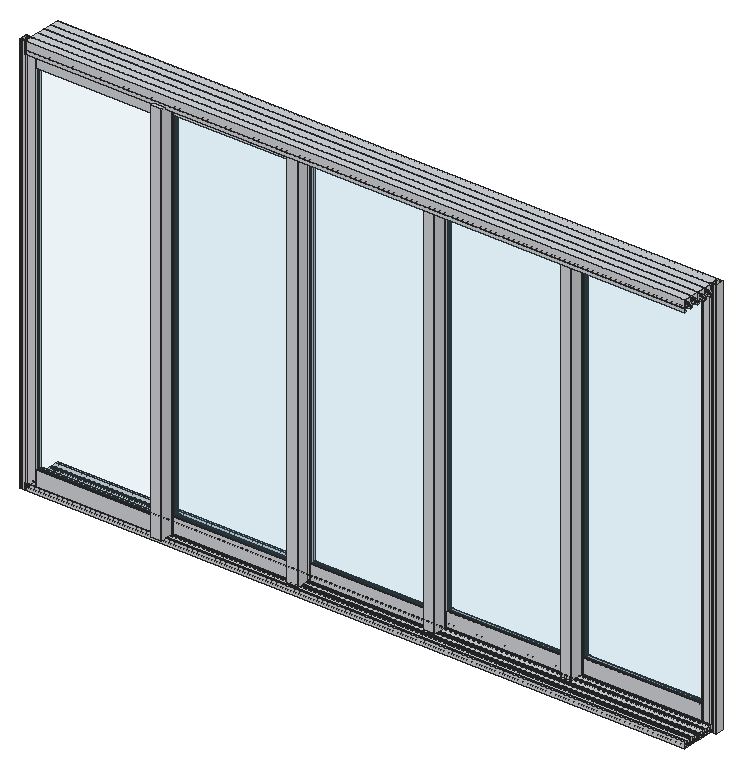
Revit family "MT-HB_SLIDING DOOR_XXXXX", category Doors, host Wall, Revit 2017 (continued)
Definition of nested family "HB_SLIDING_GLAZED PANEL_XX_TYPE 2"
  Definition of nested family "DETAIL_DBL_HB_BOTTOM RAIL"
    Lines and regions (mm)
      model lines, in view "Ref. Level"
        curve 24: arc (-20, -4.499, 0) -> (-19.854, -4.145, 0) -> (-19.5, -3.999, 0) r 0.5
        curve 25: arc (-18.448, -3.999, 0) -> (-18.319, -3.958, 0) -> (-18.246, -3.843, 0) r 0.2
        curve 26: arc (-18.246, -3.843, 0) -> (-18.106, -3.315, 0) -> (-17.93, -2.799, 0) r 7.567
        curve 27: arc (-16.8, -3.49, 0) -> (-16.408, -3.905, 0) -> (-16, -3.505, 0) r 0.4
        curve 28: arc (-16, -2, 0) -> (-16.117, -1.717, 0) -> (-16.4, -1.6, 0) r 0.4
        curve 29: arc (-18.8, -1.6, 0) -> (-19.154, -1.454, 0) -> (-19.3, -1.1, 0) r 0.5
        curve 30: arc (-19.3, -0.4, 0) -> (-19.417, -0.117, 0) -> (-19.7, 0, 0) r 0.4
        curve 31: arc (-22.1, 0, 0) -> (-22.383, -0.117, 0) -> (-22.5, -0.4, 0) r 0.4
        curve 32: arc (-22.5, -119.502, 0) -> (-22.354, -119.856, 0) -> (-22, -120.002, 0) r 0.5
        curve 33: arc (-21, -120.002, 0) -> (-20.646, -119.856, 0) -> (-20.5, -119.502, 0) r 0.5
        curve 34: arc (-20.5, -72.999, 0) -> (-20.354, -72.646, 0) -> (-20, -72.499, 0) r 0.5
        curve 35: arc (20, -72.499, 0) -> (20.354, -72.646, 0) -> (20.5, -72.999, 0) r 0.5
        curve 36: arc (20.5, -119.502, 0) -> (20.646, -119.856, 0) -> (21, -120.002, 0) r 0.5
        curve 37: arc (22.1, -120.002, 0) -> (22.414, -119.844, 0) -> (22.5, -119.502, 0) r 0.423
        curve 38: arc (22.5, -20.199, 0) -> (22.441, -20.058, 0) -> (22.3, -19.999, 0) r 0.2
        curve 39: arc (19.454, -22.146, 0) -> (19.345, -22.691, 0) -> (19.807, -22.999, 0) r 0.5
        curve 40: arc (20.511, -22.999, 0) -> (20.652, -23.058, 0) -> (20.711, -23.199, 0) r 0.2
        curve 41: arc (20.711, -24.399, 0) -> (20.623, -24.611, 0) -> (20.411, -24.699, 0) r 0.3
        curve 42: arc (4.606, -24.699, 0) -> (4.253, -24.553, 0) -> (4.106, -24.199, 0) r 0.5
        curve 43: arc (4.106, -22.199, 0) -> (4.253, -21.846, 0) -> (4.606, -21.699, 0) r 0.5
        curve 44: arc (5.371, -21.699, 0) -> (5.562, -21.737, 0) -> (5.725, -21.846, 0) r 0.5
        curve 45: arc (6.187, -22.308, 0) -> (6.328, -22.366, 0) -> (6.47, -22.308, 0) r 0.2
        curve 46: arc (6.823, -21.954, 0) -> (6.931, -21.792, 0) -> (6.97, -21.601, 0) r 0.5
        curve 47: arc (6.97, -20.499, 0) -> (6.842, -20.165, 0) -> (6.524, -20.002, 0) r 0.5
        curve 48: arc (-20, -20.002, 0) -> (-20.354, -19.856, 0) -> (-20.5, -19.502, 0) r 0.5
        curve 49: arc (-20.5, -8.615, 0) -> (-20.302, -8.217, 0) -> (-19.864, -8.134, 0) r 0.5
        curve 50: arc (-19.864, -8.134, 0) -> (-19.697, -8.173, 0) -> (-19.528, -8.194, 0) r 1.7
        curve 51: arc (-19.528, -8.194, 0) -> (-19.264, -8.294, 0) -> (-19.097, -8.521, 0) r 0.5
        curve 52: arc (-19.097, -8.521, 0) -> (-18.947, -8.902, 0) -> (-18.779, -9.276, 0) r 8.767
        curve 53: arc (-18.779, -9.276, 0) -> (-18.706, -9.359, 0) -> (-18.599, -9.39, 0) r 0.2
        curve 54: arc (-17.097, -9.39, 0) -> (-16.898, -9.465, 0) -> (-16.8, -9.654, 0) r 0.3
        curve 55: arc (-16.8, -9.654, 0) -> (-16.379, -10.006, 0) -> (-16.002, -9.606, 0) r 0.4
        curve 56: arc (-16.002, -7.521, 0) -> (-16.389, -7.095, 0) -> (-16.802, -7.495, 0) r 0.4
        curve 57: line (-20.368, -36.225, 0) -> (-19.097, -35.762, 0)
        curve 58: line (-19.097, -35.198, 0) -> (-20.368, -34.735, 0)
        curve 59: line (-20.5, -34.548, 0) -> (-20.5, -22.502, 0)
        curve 60: line (-20, -22.002, 0) -> (-16, -22.002, 0)
        curve 61: line (-15.5, -22.502, 0) -> (-15.5, -26.199, 0)
        curve 62: line (-15, -26.699, 0) -> (-14, -26.699, 0)
        curve 63: line (-13.5, -26.199, 0) -> (-13.5, -22.502, 0)
        curve 64: line (-13, -22.002, 0) -> (1.606, -22.002, 0)
        curve 65: line (2.106, -22.502, 0) -> (2.106, -24.199, 0)
        curve 66: line (4.606, -26.699, 0) -> (20, -26.699, 0)
        curve 67: line (20.5, -27.199, 0) -> (20.5, -34.548, 0)
        curve 68: line (20.368, -34.735, 0) -> (19.097, -35.198, 0)
        curve 69: line (19.097, -35.762, 0) -> (20.368, -36.225, 0)
        curve 70: line (20.5, -36.412, 0) -> (20.5, -60.286, 0)
        curve 71: line (20.368, -60.474, 0) -> (19.097, -60.937, 0)
        curve 72: line (19.097, -61.5, 0) -> (20.368, -61.963, 0)
        curve 73: line (20.5, -62.151, 0) -> (20.5, -69.499, 0)
        curve 74: line (20, -69.999, 0) -> (-20, -69.999, 0)
        curve 75: line (-20.5, -69.499, 0) -> (-20.5, -62.151, 0)
        curve 76: line (-20.368, -61.963, 0) -> (-19.097, -61.5, 0)
        curve 77: line (-19.097, -60.937, 0) -> (-20.368, -60.474, 0)
        curve 78: line (-20.5, -60.286, 0) -> (-20.5, -36.412, 0)
        curve 79: line (-18.444, -6.999, 0) -> (-19.5, -6.999, 0)
        curve 80: line (-20, -6.499, 0) -> (-20, -4.499, 0)
        curve 81: line (-19.5, -3.999, 0) -> (-18.448, -3.999, 0)
        curve 82: line (-17.93, -2.799, 0) -> (-16.8, -2.799, 0)
        curve 83: line (-16.8, -2.799, 0) -> (-16.8, -3.49, 0)
        curve 84: line (-16, -3.505, 0) -> (-16, -2, 0)
        curve 85: line (-16.4, -1.6, 0) -> (-18.8, -1.6, 0)
        curve 86: line (-19.3, -1.1, 0) -> (-19.3, -0.4, 0)
        curve 87: line (-19.7, 0, 0) -> (-22.1, 0, 0)
        curve 88: line (-22.5, -0.4, 0) -> (-22.5, -119.502, 0)
        curve 89: line (-22, -120.002, 0) -> (-21, -120.002, 0)
        curve 90: line (-20.5, -119.502, 0) -> (-20.5, -72.999, 0)
        curve 91: line (-20, -72.499, 0) -> (-13.75, -72.499, 0)
        curve 92: line (-13.75, -72.499, 0) -> (-13.25, -71.999, 0)
        curve 93: line (-13.25, -71.999, 0) -> (-12.75, -72.499, 0)
        curve 94: line (-12.75, -72.499, 0) -> (12.75, -72.499, 0)
        curve 95: line (12.75, -72.499, 0) -> (13.25, -71.999, 0)
        curve 96: line (13.25, -71.999, 0) -> (13.75, -72.499, 0)
        curve 97: line (13.75, -72.499, 0) -> (20, -72.499, 0)
        curve 98: line (20.5, -72.999, 0) -> (20.5, -119.502, 0)
        curve 99: line (21, -120.002, 0) -> (22.1, -120.002, 0)
        curve 100: line (22.5, -119.502, 0) -> (22.5, -20.199, 0)
        curve 101: line (22.3, -19.999, 0) -> (21.683, -19.999, 0)
        curve 102: line (21.683, -19.999, 0) -> (19.454, -22.146, 0)
        curve 103: line (19.807, -22.999, 0) -> (20.511, -22.999, 0)
        curve 104: line (20.711, -23.199, 0) -> (20.711, -24.399, 0)
        curve 105: line (20.411, -24.699, 0) -> (13.75, -24.699, 0)
        curve 106: line (13.75, -24.699, 0) -> (13.25, -25.199, 0)
        curve 107: line (13.25, -25.199, 0) -> (12.75, -24.699, 0)
        curve 108: line (12.75, -24.699, 0) -> (4.606, -24.699, 0)
        curve 109: line (4.106, -24.199, 0) -> (4.106, -22.199, 0)
        curve 110: line (4.606, -21.699, 0) -> (5.371, -21.699, 0)
        curve 111: line (5.725, -21.846, 0) -> (6.187, -22.308, 0)
        curve 112: line (6.47, -22.308, 0) -> (6.823, -21.954, 0)
        curve 113: line (6.97, -21.601, 0) -> (6.97, -20.499, 0)
        curve 114: line (6.524, -20.002, 0) -> (-20, -20.002, 0)
        curve 115: line (-20.5, -19.502, 0) -> (-20.5, -8.615, 0)
        curve 116: line (-18.599, -9.39, 0) -> (-17.097, -9.39, 0)
        curve 117: line (-16.002, -9.606, 0) -> (-16.002, -7.521, 0)
        curve 118: line (-16.802, -7.495, 0) -> (-16.802, -8.2, 0)
        curve 119: line (-16.802, -8.2, 0) -> (-17.936, -8.2, 0)
        curve 120: arc (-17.936, -8.2, 0) -> (-18.111, -7.683, 0) -> (-18.249, -7.155, 0) r 7.567
        curve 121: arc (-18.249, -7.155, 0) -> (-18.319, -7.043, 0) -> (-18.444, -6.999, 0) r 0.2
    Dimensions and locks
      aligned and locked: plane 1 "Center (Front/Back)" to import instance
    Automatic sketch dimensions
      curve 9 to curve 42 = 0 mm  (x3)
      curve 23 to curve 50 = 0.1 mm
      curve 23 to curve 50 = 0 mm
      curve 26 to curve 120 = 0 mm  (x2)
      curve 32 to plane 4 = 0 mm
      plane 1 "Center (Front/Back)" to curve 87 = 0 mm
      curve 32 to plane 6 = 0 mm
      curve 99 to plane 6 = 0 mm
      curve 100 to plane 5 = 0 mm
      plane 4 to curve 87 = 0.4 mm
      curve 88 to curve 32 = 0.5 mm
      plane 6 to curve 33 = 0.5 mm
      curve 32 to curve 33 = 1 mm
      plane 4 to curve 115 = 2 mm
      plane 4 to curve 59 = 2 mm
      curve 78 to curve 2 = 0 mm
      curve 75 to curve 78 = 0 mm
      curve 78 to curve 77 = 0.132 mm
      curve 59 to curve 58 = 0.132 mm
      curve 78 to curve 57 = 0.132 mm
      curve 75 to curve 76 = 0.132 mm
      curve 78 to curve 21 = 0.2 mm
      curve 59 to curve 2 = 0.2 mm
      curve 75 to curve 19 = 0.2 mm
      curve 78 to curve 22 = 0.2 mm
      curve 115 to curve 49 = 0.5 mm
      curve 115 to curve 48 = 0.5 mm
      curve 3 to curve 60 = 0.5 mm
      curve 34 to curve 34 = 0.5 mm
      curve 75 to curve 74 = 0.5 mm
      curve 49 to curve 80 = 0 mm
      plane 1 "Center (Front/Back)" to curve 30 = 0.4 mm
      curve 31 to curve 30 = 2.4 mm
      curve 49 to curve 51 = 0.434 mm
      curve 24 to curve 24 = 0.5 mm
      curve 80 to curve 23 = 0.5 mm
      curve 2 to curve 1 = 1.168 mm
      curve 19 to curve 20 = 1.168 mm
      curve 20 to curve 77 = 0.103 mm
      curve 1 to curve 57 = 0.103 mm
      curve 1 to curve 58 = 0.103 mm
      curve 20 to curve 76 = 0.103 mm
      curve 29 to curve 29 = 0.5 mm
      curve 51 to curve 53 = 0.967 mm
      curve 24 to curve 81 = 1.052 mm
      curve 50 to curve 79 = 0.956 mm
      curve 81 to curve 25 = 0.008 mm
      curve 121 to curve 119 = 0.509 mm
      curve 25 to curve 82 = 0.511 mm
      curve 119 to curve 116 = 0.838 mm
      curve 120 to curve 118 = 1.134 mm
      curve 26 to curve 82 = 1.13 mm
      curve 54 to curve 55 = 0.695 mm
      curve 118 to curve 56 = 0.4 mm
      curve 82 to curve 28 = 0.4 mm
      curve 27 to curve 27 = 0.4 mm
      curve 56 to curve 117 = 0.399 mm
      curve 28 to curve 84 = 0.4 mm
      curve 3 to curve 60 = 4 mm
      curve 4 to curve 61 = 0.5 mm
      curve 5 to curve 62 = 0.5 mm
      curve 5 to curve 6 = 1 mm
      curve 91 to curve 92 = 6.25 mm
      curve 6 to curve 63 = 0.5 mm
      curve 91 to curve 92 = 0.5 mm
      curve 7 to curve 64 = 0.5 mm
      curve 92 to curve 93 = 0.5 mm
      curve 27 to curve 52 = 5.136 mm
      curve 52 to curve 120 = 0 mm
      plane 3 "Center (Left/Right)" to curve 64 = 1.606 mm
      curve 8 to curve 65 = 0.5 mm
      curve 9 to curve 109 = 2 mm
      curve 42 to curve 42 = 0.5 mm
      curve 43 to curve 110 = 0.5 mm
      curve 43 to curve 44 = 0.765 mm
      curve 44 to curve 111 = 0.354 mm
      curve 111 to curve 111 = 0.462 mm
      curve 111 to curve 45 = 0.141 mm  (x2)
      curve 44 to curve 47 = 0.745 mm
      curve 45 to curve 112 = 0.141 mm
      curve 45 to curve 46 = 0.141 mm
      curve 47 to curve 114 = 0.054 mm
      curve 46 to curve 112 = 0.354 mm
      curve 47 to curve 113 = 0.5 mm
      curve 94 to plane 5 = 9.75 mm
      curve 112 to curve 107 = 5.927 mm
      curve 94 to curve 96 = 0.5 mm
      curve 107 to curve 107 = 0.5 mm  (x2)
      curve 106 to curve 106 = 0.5 mm
      curve 95 to curve 97 = 0.5 mm
      curve 71 to plane 5 = 3.403 mm
      curve 68 to curve 69 = 0 mm
      curve 72 to curve 71 = 0 mm
      curve 68 to curve 12 = 0.103 mm
      curve 71 to curve 15 = 0.103 mm
      curve 102 to plane 5 = 3.046 mm
      curve 39 to curve 39 = 0.354 mm
      curve 10 to plane 5 = 2.5 mm
      curve 17 to plane 5 = 2.5 mm
      curve 35 to plane 5 = 2.5 mm
      curve 15 to curve 14 = 1.203 mm
      curve 72 to curve 16 = 1.203 mm
      curve 12 to curve 13 = 1.203 mm
      curve 68 to curve 11 = 1.203 mm
      curve 11 to curve 68 = 0.068 mm
      curve 13 to curve 69 = 0.068 mm
      curve 14 to curve 71 = 0.068 mm
      curve 16 to curve 72 = 0.068 mm
      curve 103 to curve 41 = 0.604 mm
      curve 16 to curve 73 = 0.2 mm
      curve 14 to curve 70 = 0.2 mm
      curve 11 to curve 67 = 0.2 mm
      curve 35 to curve 98 = 0.5 mm
      curve 103 to curve 40 = 0.704 mm
      curve 40 to curve 104 = 0.2 mm
      curve 36 to curve 36 = 0.5 mm
      curve 101 to plane 5 = 0.817 mm
      curve 37 to plane 5 = 0.416 mm
      curve 99 to plane 5 = 0.4 mm
      curve 101 to plane 5 = 0.2 mm
      plane 6 to curve 37 = 0.423 mm
      curve 33 to curve 90 = 46.503 mm
      curve 98 to curve 91 = 0.5 mm
      curve 91 to curve 93 = 0 mm
      curve 91 to curve 74 = 2.5 mm
      curve 73 to curve 16 = 7.348 mm
      curve 18 to curve 19 = 7.348 mm
      curve 19 to curve 76 = 0.463 mm
      curve 16 to curve 72 = 0.463 mm
      curve 20 to curve 20 = 0.282 mm
      curve 15 to curve 15 = 0.282 mm
      curve 77 to curve 77 = 0.463 mm
      curve 71 to curve 71 = 0.463 mm
      curve 21 to curve 22 = 23.874 mm
      curve 14 to curve 13 = 23.874 mm
      curve 13 to curve 69 = 0.463 mm
      curve 22 to curve 57 = 0.463 mm
      curve 69 to curve 12 = 0.282 mm
      curve 57 to curve 1 = 0.282 mm
      curve 1 to curve 58 = 0.463 mm
      curve 68 to curve 68 = 0.463 mm
      curve 67 to curve 67 = 7.348 mm
      curve 1 to curve 62 = 8.499 mm
      curve 104 to curve 104 = 1.2 mm
      curve 9 to curve 65 = 1.697 mm
      curve 61 to curve 7 = 0 mm
      curve 39 to curve 39 = 0.5 mm
      curve 42 to curve 112 = 1.891 mm
      curve 42 to curve 109 = 2 mm
      curve 44 to curve 44 = 0.5 mm
      curve 112 to curve 112 = 0.354 mm
      curve 46 to curve 113 = 1.101 mm
      curve 40 to curve 100 = 2.8 mm
      curve 54 to curve 30 = 9.29 mm
      curve 54 to curve 55 = 0.083 mm
      curve 54 to curve 116 = 0.3 mm
      curve 53 to curve 53 = 0.2 mm
      curve 53 to curve 51 = 0.497 mm
      curve 51 to curve 115 = 0.077 mm
      curve 54 to curve 118 = 1.19 mm
      curve 118 to curve 117 = 0.679 mm
      curve 120 to curve 121 = 1.001 mm
      curve 121 to curve 79 = 0.2 mm
      curve 79 to curve 23 = 0.5 mm
      curve 56 to curve 52 = 2.014 mm
      curve 52 to curve 26 = 0 mm
      curve 80 to curve 80 = 2 mm
      curve 81 to curve 25 = 0.2 mm
      curve 25 to curve 84 = 0.338 mm
      curve 25 to curve 82 = 1.044 mm
      curve 82 to curve 28 = 0.799 mm
      curve 50 to curve 49 = 0 mm
      curve 51 to curve 50 = 0 mm
      curve 79 to curve 23 = 0 mm
      curve 23 to curve 79 = 0 mm
      curve 52 to curve 51 = 0 mm
      curve 114 to curve 48 = 0 mm
      curve 69 to curve 13 = 1.403 mm
  Definition of nested family "DETAIL_HB106_DBL_INTERLOCK"
    Reference planes
      plane 1 "Center (Front/Back)": y = 0
      plane 2: z = 0
      plane 3 "Center (Left/Right)": x = 0
    Lines and regions (mm)
      detail lines, in view "Ref. Level"
        curve 1: arc (76.142, -18.25, 0) -> (75.86, -18.425, 0) -> (75.75, -18.738, 0) r 0.5
        curve 2: arc (75.75, -19, 0) -> (75.604, -19.354, 0) -> (75.25, -19.5, 0) r 0.5
        curve 3: arc (73.75, -19.5, 0) -> (73.396, -19.354, 0) -> (73.25, -19, 0) r 0.5
        curve 4: arc (73.25, -18.738, 0) -> (73.14, -18.425, 0) -> (72.858, -18.25, 0) r 0.5
        curve 5: arc (72.858, -18.25, 0) -> (72.394, -18.131, 0) -> (71.937, -17.983, 0) r 7.567
        curve 6: arc (71.937, -17.983, 0) -> (71.841, -17.91, 0) -> (71.805, -17.795, 0) r 0.2
        curve 7: arc (71.805, -17.2, 0) -> (71.922, -16.917, 0) -> (72.205, -16.8, 0) r 0.4
        curve 8: arc (72.7, -16.8, 0) -> (72.841, -16.741, 0) -> (72.9, -16.6, 0) r 0.2
        curve 9: arc (72.9, -16.2, 0) -> (72.841, -16.059, 0) -> (72.7, -16, 0) r 0.2
        curve 10: arc (69.205, -16, 0) -> (68.922, -16.117, 0) -> (68.805, -16.4, 0) r 0.4
        curve 11: arc (68.805, -17.558, 0) -> (68.859, -17.758, 0) -> (69.005, -17.904, 0) r 0.4
        curve 12: arc (69.9, -18.421, 0) -> (70.046, -18.567, 0) -> (70.1, -18.767, 0) r 0.4
        curve 13: arc (70.1, -20.1, 0) -> (69.983, -20.383, 0) -> (69.7, -20.5, 0) r 0.4
        curve 14: arc (69.7, 20.5, 0) -> (69.983, 20.383, 0) -> (70.1, 20.1, 0) r 0.4
        curve 15: arc (70.1, 18.767, 0) -> (70.046, 18.567, 0) -> (69.9, 18.421, 0) r 0.4
        curve 16: arc (69.005, 17.904, 0) -> (68.859, 17.758, 0) -> (68.805, 17.558, 0) r 0.4
        curve 17: arc (68.805, 16.4, 0) -> (68.922, 16.117, 0) -> (69.205, 16, 0) r 0.4
        curve 18: arc (72.7, 16, 0) -> (72.841, 16.059, 0) -> (72.9, 16.2, 0) r 0.2
        curve 19: arc (72.9, 16.6, 0) -> (72.841, 16.741, 0) -> (72.7, 16.8, 0) r 0.2
        curve 20: arc (72.205, 16.8, 0) -> (71.922, 16.917, 0) -> (71.805, 17.2, 0) r 0.4
        curve 21: arc (71.805, 17.795, 0) -> (71.841, 17.91, 0) -> (71.937, 17.983, 0) r 0.2
        curve 22: arc (71.937, 17.983, 0) -> (72.394, 18.131, 0) -> (72.858, 18.25, 0) r 7.567
        curve 23: arc (72.858, 18.25, 0) -> (73.14, 18.425, 0) -> (73.25, 18.738, 0) r 0.5
        curve 24: arc (73.25, 19, 0) -> (73.396, 19.354, 0) -> (73.75, 19.5, 0) r 0.5
        curve 25: arc (75.25, 19.5, 0) -> (75.604, 19.354, 0) -> (75.75, 19, 0) r 0.5
        curve 26: arc (75.75, 18.738, 0) -> (75.86, 18.425, 0) -> (76.142, 18.25, 0) r 0.5
        curve 27: arc (76.142, 18.25, 0) -> (76.612, 18.129, 0) -> (77.073, 17.979, 0) r 7.567
        curve 28: arc (77.073, 17.979, 0) -> (77.169, 17.906, 0) -> (77.205, 17.791, 0) r 0.2
        curve 29: arc (77.205, 17.2, 0) -> (77.088, 16.917, 0) -> (76.805, 16.8, 0) r 0.4
        curve 30: arc (76.3, 16.8, 0) -> (76.159, 16.741, 0) -> (76.1, 16.6, 0) r 0.2
        curve 31: arc (76.1, 16.2, 0) -> (76.159, 16.059, 0) -> (76.3, 16, 0) r 0.2
        curve 32: arc (78, 16, 0) -> (78.283, 16.117, 0) -> (78.4, 16.4, 0) r 0.4
        curve 33: arc (78.4, 18.7, 0) -> (78.546, 19.054, 0) -> (78.9, 19.2, 0) r 0.5
        curve 34: arc (79.6, 19.2, 0) -> (79.883, 19.317, 0) -> (80, 19.6, 0) r 0.4
        curve 35: arc (80, 22, 0) -> (79.854, 22.354, 0) -> (79.5, 22.5, 0) r 0.5
        curve 36: arc (79.5, -22.5, 0) -> (79.854, -22.354, 0) -> (80, -22, 0) r 0.5
        curve 37: arc (80, -19.6, 0) -> (79.883, -19.317, 0) -> (79.6, -19.2, 0) r 0.4
        curve 38: arc (78.9, -19.2, 0) -> (78.546, -19.054, 0) -> (78.4, -18.7, 0) r 0.5
        curve 39: arc (78.4, -16.4, 0) -> (78.283, -16.117, 0) -> (78, -16, 0) r 0.4
        curve 40: arc (76.3, -16, 0) -> (76.159, -16.059, 0) -> (76.1, -16.2, 0) r 0.2
        curve 41: arc (76.1, -16.6, 0) -> (76.159, -16.741, 0) -> (76.3, -16.8, 0) r 0.2
        curve 42: arc (76.805, -16.8, 0) -> (77.088, -16.917, 0) -> (77.205, -17.2, 0) r 0.4
        curve 43: line (75.75, -18.738, 0) -> (75.75, -19, 0)
        curve 44: line (75.25, -19.5, 0) -> (73.75, -19.5, 0)
        curve 45: line (73.25, -19, 0) -> (73.25, -18.738, 0)
        curve 46: line (71.805, -17.795, 0) -> (71.805, -17.2, 0)
        curve 47: line (72.205, -16.8, 0) -> (72.7, -16.8, 0)
        curve 48: line (72.9, -16.6, 0) -> (72.9, -16.2, 0)
        curve 49: line (72.7, -16, 0) -> (69.205, -16, 0)
        curve 50: line (68.805, -16.4, 0) -> (68.805, -17.558, 0)
        curve 51: line (69.005, -17.904, 0) -> (69.9, -18.421, 0)
        curve 52: line (70.1, -18.767, 0) -> (70.1, -20.1, 0)
        curve 53: line (69.7, -20.5, 0) -> (51, -20.5, 0)
        curve 54: line (51, 20.5, 0) -> (69.7, 20.5, 0)
        curve 55: line (70.1, 20.1, 0) -> (70.1, 18.767, 0)
        curve 56: line (69.9, 18.421, 0) -> (69.005, 17.904, 0)
        curve 57: line (68.805, 17.558, 0) -> (68.805, 16.4, 0)
        curve 58: line (69.205, 16, 0) -> (72.7, 16, 0)
        curve 59: line (72.9, 16.2, 0) -> (72.9, 16.6, 0)
        curve 60: line (72.7, 16.8, 0) -> (72.205, 16.8, 0)
        curve 61: line (71.805, 17.2, 0) -> (71.805, 17.795, 0)
        curve 62: line (73.25, 18.738, 0) -> (73.25, 19, 0)
        curve 63: line (73.75, 19.5, 0) -> (75.25, 19.5, 0)
        curve 64: line (75.75, 19, 0) -> (75.75, 18.738, 0)
        curve 65: line (77.205, 17.791, 0) -> (77.205, 17.2, 0)
        curve 66: line (76.805, 16.8, 0) -> (76.3, 16.8, 0)
        curve 67: line (76.1, 16.6, 0) -> (76.1, 16.2, 0)
        curve 68: line (76.3, 16, 0) -> (78, 16, 0)
        curve 69: line (78.4, 16.4, 0) -> (78.4, 18.7, 0)
        curve 70: line (78.9, 19.2, 0) -> (79.6, 19.2, 0)
        curve 71: line (80, 19.6, 0) -> (80, 22, 0)
        curve 72: line (80, -22, 0) -> (80, -19.6, 0)
        curve 73: line (79.6, -19.2, 0) -> (78.9, -19.2, 0)
        curve 74: line (78.4, -18.7, 0) -> (78.4, -16.4, 0)
        curve 75: line (78, -16, 0) -> (76.3, -16, 0)
        curve 76: line (76.1, -16.2, 0) -> (76.1, -16.6, 0)
        curve 77: line (76.3, -16.8, 0) -> (76.805, -16.8, 0)
        curve 78: line (77.205, -17.2, 0) -> (77.205, -17.791, 0)
        curve 79: arc (77.205, -17.791, 0) -> (77.169, -17.906, 0) -> (77.073, -17.979, 0) r 0.2
        curve 80: arc (77.073, -17.979, 0) -> (76.612, -18.129, 0) -> (76.142, -18.25, 0) r 7.567
        curve 81: arc (3.5, 22.5, 0) -> (1.025, 21.475, 0) -> (0, 19, 0) r 3.5
        curve 82: arc (0, -33.55, 0) -> (0.879, -35.671, 0) -> (3, -36.55, 0) r 3
        curve 83: arc (5.67, -36.55, 0) -> (6.17, -36.05, 0) -> (5.67, -35.55, 0) r 0.5
        curve 84: arc (11.27, -35.55, 0) -> (10.77, -36.05, 0) -> (11.27, -36.55, 0) r 0.5
        curve 85: arc (13.42, -36.55, 0) -> (13.632, -36.462, 0) -> (13.72, -36.25, 0) r 0.3
        curve 86: arc (13.72, -33.254, 0) -> (13.427, -32.547, 0) -> (12.72, -32.254, 0) r 1
        curve 87: arc (2.5, -31.254, 0) -> (2.793, -31.962, 0) -> (3.5, -32.254, 0) r 1
        curve 88: arc (3.5, -22.5, 0) -> (2.793, -22.793, 0) -> (2.5, -23.5, 0) r 1
        curve 89: arc (27.976, -23, 0) -> (27.829, -22.646, 0) -> (27.476, -22.5, 0) r 0.5
        curve 90: arc (27.976, -31.1, 0) -> (28.708, -32.868, 0) -> (30.476, -33.6, 0) r 2.5
        curve 91: arc (42.407, -33.6, 0) -> (43.276, -32.79, 0) -> (42.528, -31.867, 0) r 0.871
        curve 92: arc (30.476, -29.303, 0) -> (30.721, -29.959, 0) -> (31.336, -30.294, 0) r 1
        curve 93: arc (30.976, -22.5, 0) -> (30.622, -22.646, 0) -> (30.476, -23, 0) r 0.5
        curve 94: arc (50, -19.5, 0) -> (50.293, -20.207, 0) -> (51, -20.5, 0) r 1
        curve 95: arc (51, 20.5, 0) -> (50.314, 20.228, 0) -> (50.002, 19.559, 0) r 1
        curve 96: arc (36.988, -20, 0) -> (37.138, -19.96, 0) -> (37.248, -19.85, 0) r 0.3
        curve 97: arc (37.508, -19.7, 0) -> (37.358, -19.74, 0) -> (37.248, -19.85, 0) r 0.3
        curve 98: arc (38.988, -20, 0) -> (38.9, -19.788, 0) -> (38.688, -19.7, 0) r 0.3
        curve 99: arc (38.988, -20, 0) -> (39.076, -20.212, 0) -> (39.288, -20.3, 0) r 0.3
        curve 100: arc (40.468, -20.3, 0) -> (40.618, -20.26, 0) -> (40.728, -20.15, 0) r 0.3
        curve 101: arc (40.988, -20, 0) -> (40.838, -20.04, 0) -> (40.728, -20.15, 0) r 0.3
        curve 102: arc (46.5, -20, 0) -> (47.207, -19.707, 0) -> (47.5, -19, 0) r 1
        curve 103: arc (47.5, 19, 0) -> (47.207, 19.707, 0) -> (46.5, 20, 0) r 1
        curve 104: arc (3.5, 20, 0) -> (2.793, 19.707, 0) -> (2.5, 19, 0) r 1
        curve 105: arc (2.5, -19, 0) -> (2.793, -19.707, 0) -> (3.5, -20, 0) r 1
        curve 106: line (79.5, 22.5, 0) -> (3.5, 22.5, 0)
        curve 107: line (0, 19, 0) -> (0, -33.55, 0)
        curve 108: line (3, -36.55, 0) -> (5.67, -36.55, 0)
        curve 109: line (5.67, -35.55, 0) -> (4.72, -35.55, 0)
        curve 110: line (4.72, -35.55, 0) -> (4.72, -34.25, 0)
        curve 111: line (4.72, -34.25, 0) -> (12.22, -34.25, 0)
        curve 112: line (12.22, -34.25, 0) -> (12.22, -35.55, 0)
        curve 113: line (12.22, -35.55, 0) -> (11.27, -35.55, 0)
        curve 114: line (11.27, -36.55, 0) -> (13.42, -36.55, 0)
        curve 115: line (13.72, -36.25, 0) -> (13.72, -33.254, 0)
        curve 116: line (12.72, -32.254, 0) -> (3.5, -32.254, 0)
        curve 117: line (2.5, -31.254, 0) -> (2.5, -23.5, 0)
        curve 118: line (3.5, -22.5, 0) -> (27.476, -22.5, 0)
        curve 119: line (27.976, -23, 0) -> (27.976, -31.1, 0)
        curve 120: line (30.476, -33.6, 0) -> (42.407, -33.6, 0)
        curve 121: line (42.528, -31.867, 0) -> (31.336, -30.294, 0)
        curve 122: line (30.476, -29.303, 0) -> (30.476, -23, 0)
        curve 123: line (30.976, -22.5, 0) -> (79.5, -22.5, 0)
        curve 124: line (50, -19.5, 0) -> (50, -0.383, 0)
        curve 125: line (50, -0.383, 0) -> (49.7, 0, 0)
        curve 126: line (49.7, 0, 0) -> (49.941, 0.241, 0)
        curve 127: line (49.941, 0.241, 0) -> (50.002, 19.559, 0)
        curve 128: line (38.688, -19.7, 0) -> (37.508, -19.7, 0)
        curve 129: line (40.468, -20.3, 0) -> (39.288, -20.3, 0)
        curve 130: line (46.5, -20, 0) -> (40.988, -20, 0)
        curve 131: line (47.5, 19, 0) -> (47.5, -19, 0)
        curve 132: line (3.5, 20, 0) -> (46.5, 20, 0)
        curve 133: line (2.5, -19, 0) -> (2.5, 19, 0)
        curve 134: line (36.988, -20, 0) -> (3.5, -20, 0)
  Definition of nested family "DETAIL_HB106_SGL_ INTERLOCK"
    Reference planes
      plane 1 "Center (Front/Back)": y = 0
      plane 2: z = 0
      plane 3 "Center (Left/Right)": x = 0
    Lines and regions (mm)
      model lines, in view "Ref. Level"
        curve 1: arc (65.782, 13.178, 0) -> (65.585, 13.029, 0) -> (65.483, 12.804, 0) r 0.5
        curve 2: arc (64.942, 9.735, 0) -> (64.986, 9.571, 0) -> (65.139, 9.5, 0) r 0.2
        curve 3: arc (67.7, 9.5, 0) -> (67.841, 9.559, 0) -> (67.9, 9.7, 0) r 0.2
        curve 4: arc (67.9, 10.1, 0) -> (67.841, 10.241, 0) -> (67.7, 10.3, 0) r 0.2
        curve 5: arc (66.805, 10.5, 0) -> (66.864, 10.359, 0) -> (67.005, 10.3, 0) r 0.2
        curve 6: arc (66.937, 11.483, 0) -> (66.841, 11.41, 0) -> (66.805, 11.295, 0) r 0.2
        curve 7: arc (72.073, 11.479, 0) -> (69.505, 11.93, 0) -> (66.937, 11.483, 0) r 7.567
        curve 8: arc (72.205, 11.291, 0) -> (72.169, 11.406, 0) -> (72.073, 11.479, 0) r 0.2
        curve 9: arc (72.005, 10.3, 0) -> (72.146, 10.359, 0) -> (72.205, 10.5, 0) r 0.2
        curve 10: arc (71.3, 10.3, 0) -> (71.159, 10.241, 0) -> (71.1, 10.1, 0) r 0.2
        curve 11: arc (71.1, 9.7, 0) -> (71.159, 9.559, 0) -> (71.3, 9.5, 0) r 0.2
        curve 12: arc (73, 9.5, 0) -> (73.283, 9.617, 0) -> (73.4, 9.9, 0) r 0.4
        curve 13: arc (73.9, 12.7, 0) -> (73.546, 12.554, 0) -> (73.4, 12.2, 0) r 0.5
        curve 14: arc (74.6, 12.7, 0) -> (74.883, 12.817, 0) -> (75, 13.1, 0) r 0.4
        curve 15: arc (75, 22.3, 0) -> (74.941, 22.441, 0) -> (74.8, 22.5, 0) r 0.2
        curve 16: arc (3.5, 22.5, 0) -> (1.025, 21.475, 0) -> (0, 19, 0) r 3.5
        curve 17: arc (0, -33.55, 0) -> (0.879, -35.671, 0) -> (3, -36.55, 0) r 3
        curve 18: arc (5.67, -36.55, 0) -> (6.17, -36.05, 0) -> (5.67, -35.55, 0) r 0.5
        curve 19: arc (11.27, -35.55, 0) -> (10.77, -36.05, 0) -> (11.27, -36.55, 0) r 0.5
        curve 20: arc (13.42, -36.55, 0) -> (13.632, -36.462, 0) -> (13.72, -36.25, 0) r 0.3
        curve 21: arc (13.72, -33.254, 0) -> (13.427, -32.547, 0) -> (12.72, -32.254, 0) r 1
        curve 22: arc (2.5, -31.254, 0) -> (2.793, -31.962, 0) -> (3.5, -32.254, 0) r 1
        curve 23: arc (3.5, -22.5, 0) -> (2.793, -22.793, 0) -> (2.5, -23.5, 0) r 1
        curve 24: arc (27.976, -23, 0) -> (27.829, -22.646, 0) -> (27.476, -22.5, 0) r 0.5
        curve 25: arc (27.976, -31.1, 0) -> (28.708, -32.868, 0) -> (30.476, -33.6, 0) r 2.5
        curve 26: arc (42.407, -33.6, 0) -> (43.276, -32.79, 0) -> (42.528, -31.867, 0) r 0.871
        curve 27: arc (30.476, -29.303, 0) -> (30.721, -29.959, 0) -> (31.336, -30.294, 0) r 1
        curve 28: arc (30.976, -22.5, 0) -> (30.622, -22.646, 0) -> (30.476, -23, 0) r 0.5
        curve 29: arc (74.8, -22.5, 0) -> (74.941, -22.441, 0) -> (75, -22.3, 0) r 0.2
        curve 30: arc (75, -13.1, 0) -> (74.883, -12.817, 0) -> (74.6, -12.7, 0) r 0.4
        curve 31: arc (73.4, -12.2, 0) -> (73.546, -12.554, 0) -> (73.9, -12.7, 0) r 0.5
        curve 32: arc (73.4, -9.9, 0) -> (73.283, -9.617, 0) -> (73, -9.5, 0) r 0.4
        curve 33: arc (71.3, -9.5, 0) -> (71.159, -9.559, 0) -> (71.1, -9.7, 0) r 0.2
        curve 34: arc (71.1, -10.1, 0) -> (71.159, -10.241, 0) -> (71.3, -10.3, 0) r 0.2
        curve 35: arc (72.205, -10.5, 0) -> (72.146, -10.359, 0) -> (72.005, -10.3, 0) r 0.2
        curve 36: arc (72.073, -11.479, 0) -> (72.169, -11.406, 0) -> (72.205, -11.291, 0) r 0.2
        curve 37: arc (66.937, -11.483, 0) -> (69.505, -11.93, 0) -> (72.073, -11.479, 0) r 7.567
        curve 38: arc (66.805, -11.295, 0) -> (66.841, -11.41, 0) -> (66.937, -11.483, 0) r 0.2
        curve 39: arc (67.005, -10.3, 0) -> (66.864, -10.359, 0) -> (66.805, -10.5, 0) r 0.2
        curve 40: arc (67.7, -10.3, 0) -> (67.841, -10.241, 0) -> (67.9, -10.1, 0) r 0.2
        curve 41: arc (67.9, -9.7, 0) -> (67.841, -9.559, 0) -> (67.7, -9.5, 0) r 0.2
        curve 42: arc (65.139, -9.5, 0) -> (64.986, -9.571, 0) -> (64.942, -9.735, 0) r 0.2
        curve 43: arc (65.483, -12.804, 0) -> (65.585, -13.029, 0) -> (65.782, -13.178, 0) r 0.5
        curve 44: arc (65.782, -13.178, 0) -> (68.244, -13.847, 0) -> (70.797, -13.842, 0) r 9.567
        curve 45: arc (72.5, -15.328, 0) -> (71.986, -14.198, 0) -> (70.797, -13.842, 0) r 1.5
        curve 46: arc (71.5, -20, 0) -> (72.207, -19.707, 0) -> (72.5, -19, 0) r 1
        curve 47: arc (50, -19, 0) -> (50.293, -19.707, 0) -> (51, -20, 0) r 1
        curve 48: arc (51, 20, 0) -> (50.293, 19.707, 0) -> (50, 19, 0) r 1
        curve 49: arc (72.5, 19, 0) -> (72.207, 19.707, 0) -> (71.5, 20, 0) r 1
        curve 50: arc (70.797, 13.842, 0) -> (71.986, 14.198, 0) -> (72.5, 15.328, 0) r 1.5
        curve 51: arc (70.797, 13.842, 0) -> (68.244, 13.847, 0) -> (65.782, 13.178, 0) r 9.567
        curve 52: arc (36.988, -20, 0) -> (37.138, -19.96, 0) -> (37.248, -19.85, 0) r 0.3
        curve 53: arc (37.508, -19.7, 0) -> (37.358, -19.74, 0) -> (37.248, -19.85, 0) r 0.3
        curve 54: arc (38.988, -20, 0) -> (38.9, -19.788, 0) -> (38.688, -19.7, 0) r 0.3
        curve 55: arc (38.988, -20, 0) -> (39.076, -20.212, 0) -> (39.288, -20.3, 0) r 0.3
        curve 56: arc (40.468, -20.3, 0) -> (40.618, -20.26, 0) -> (40.728, -20.15, 0) r 0.3
        curve 57: arc (40.988, -20, 0) -> (40.838, -20.04, 0) -> (40.728, -20.15, 0) r 0.3
        curve 58: arc (46.5, -20, 0) -> (47.207, -19.707, 0) -> (47.5, -19, 0) r 1
        curve 59: arc (47.5, 19, 0) -> (47.207, 19.707, 0) -> (46.5, 20, 0) r 1
        curve 60: arc (3.5, 20, 0) -> (2.793, 19.707, 0) -> (2.5, 19, 0) r 1
        curve 61: arc (2.5, -19, 0) -> (2.793, -19.707, 0) -> (3.5, -20, 0) r 1
        curve 62: line (65.483, 12.804, 0) -> (64.942, 9.735, 0)
        curve 63: line (65.139, 9.5, 0) -> (67.7, 9.5, 0)
        curve 64: line (67.9, 9.7, 0) -> (67.9, 10.1, 0)
        curve 65: line (67.7, 10.3, 0) -> (67.005, 10.3, 0)
        curve 66: line (66.805, 10.5, 0) -> (66.805, 11.295, 0)
        curve 67: line (72.205, 11.291, 0) -> (72.205, 10.5, 0)
        curve 68: line (72.005, 10.3, 0) -> (71.3, 10.3, 0)
        curve 69: line (71.1, 10.1, 0) -> (71.1, 9.7, 0)
        curve 70: line (71.3, 9.5, 0) -> (73, 9.5, 0)
        curve 71: line (73.4, 9.9, 0) -> (73.4, 12.2, 0)
        curve 72: line (73.9, 12.7, 0) -> (74.6, 12.7, 0)
        curve 73: line (75, 13.1, 0) -> (75, 22.3, 0)
        curve 74: line (74.8, 22.5, 0) -> (3.5, 22.5, 0)
        curve 75: line (0, 19, 0) -> (0, -33.55, 0)
        curve 76: line (3, -36.55, 0) -> (5.67, -36.55, 0)
        curve 77: line (5.67, -35.55, 0) -> (4.72, -35.55, 0)
        curve 78: line (4.72, -35.55, 0) -> (4.72, -34.25, 0)
        curve 79: line (4.72, -34.25, 0) -> (12.22, -34.25, 0)
        curve 80: line (12.22, -34.25, 0) -> (12.22, -35.55, 0)
        curve 81: line (12.22, -35.55, 0) -> (11.27, -35.55, 0)
        curve 82: line (11.27, -36.55, 0) -> (13.42, -36.55, 0)
        curve 83: line (13.72, -36.25, 0) -> (13.72, -33.254, 0)
        curve 84: line (12.72, -32.254, 0) -> (3.5, -32.254, 0)
        curve 85: line (2.5, -31.254, 0) -> (2.5, -23.5, 0)
        curve 86: line (3.5, -22.5, 0) -> (27.476, -22.5, 0)
        curve 87: line (27.976, -23, 0) -> (27.976, -31.1, 0)
        curve 88: line (30.476, -33.6, 0) -> (42.407, -33.6, 0)
        curve 89: line (42.528, -31.867, 0) -> (31.336, -30.294, 0)
        curve 90: line (30.476, -29.303, 0) -> (30.476, -23, 0)
        curve 91: line (30.976, -22.5, 0) -> (74.8, -22.5, 0)
        curve 92: line (75, -22.3, 0) -> (75, -13.1, 0)
        curve 93: line (74.6, -12.7, 0) -> (73.9, -12.7, 0)
        curve 94: line (73.4, -12.2, 0) -> (73.4, -9.9, 0)
        curve 95: line (73, -9.5, 0) -> (71.3, -9.5, 0)
        curve 96: line (71.1, -9.7, 0) -> (71.1, -10.1, 0)
        curve 97: line (71.3, -10.3, 0) -> (72.005, -10.3, 0)
        curve 98: line (72.205, -10.5, 0) -> (72.205, -11.291, 0)
        curve 99: line (66.805, -11.295, 0) -> (66.805, -10.5, 0)
        curve 100: line (67.005, -10.3, 0) -> (67.7, -10.3, 0)
        curve 101: line (67.9, -10.1, 0) -> (67.9, -9.7, 0)
        curve 102: line (67.7, -9.5, 0) -> (65.139, -9.5, 0)
        curve 103: line (64.942, -9.735, 0) -> (65.483, -12.804, 0)
        curve 104: line (72.5, -15.328, 0) -> (72.5, -19, 0)
        curve 105: line (71.5, -20, 0) -> (51, -20, 0)
        curve 106: line (50, -19, 0) -> (50, -0.383, 0)
        curve 107: line (50, -0.383, 0) -> (49.7, 0, 0)
        curve 108: line (49.7, 0, 0) -> (49.941, 0.241, 0)
        curve 109: line (49.941, 0.241, 0) -> (50, 19, 0)
        curve 110: line (51, 20, 0) -> (71.5, 20, 0)
        curve 111: line (72.5, 19, 0) -> (72.5, 15.328, 0)
        curve 112: line (38.688, -19.7, 0) -> (37.508, -19.7, 0)
        curve 113: line (40.468, -20.3, 0) -> (39.288, -20.3, 0)
        curve 114: line (46.5, -20, 0) -> (40.988, -20, 0)
        curve 115: line (47.5, 19, 0) -> (47.5, -19, 0)
        curve 116: line (3.5, 20, 0) -> (46.5, 20, 0)
        curve 117: line (2.5, -19, 0) -> (2.5, 19, 0)
        curve 118: line (36.988, -20, 0) -> (3.5, -20, 0)
  Definition of nested family "DETAIL_HB22_DBL_LOCK STILE"
    Reference planes
      plane 1 "Center (Front/Back)": y = 0
      plane 2: z = 0
      plane 3 "Center (Left/Right)": x = 0
    Lines and regions (mm)
      model lines, in view "Ref. Level"
        curve 1: arc (2.309, -22.175, 0) -> (1.996, -21.318, 0) -> (1.696, -20.456, 0) r 63.5
        curve 2: arc (1.696, -20.456, 0) -> (2.09, -19.801, 0) -> (2.67, -20.3, 0) r 0.5
        curve 3: arc (1.649, -17, 0) -> (1.22, -17.5, 0) -> (0.668, -17.14, 0) r 0.5
        curve 4: arc (0.668, -17.14, 0) -> (0.295, -15.747, 0) -> (-0.047, -14.346, 0) r 63.5
        curve 5: arc (-0.047, 14.346, 0) -> (0.295, 15.747, 0) -> (0.668, 17.14, 0) r 63.5
        curve 6: arc (0.668, 17.14, 0) -> (1.22, 17.5, 0) -> (1.649, 17, 0) r 0.5
        curve 7: arc (2.67, 20.3, 0) -> (2.09, 19.801, 0) -> (1.696, 20.456, 0) r 0.5
        curve 8: arc (1.696, 20.456, 0) -> (1.996, 21.318, 0) -> (2.309, 22.175, 0) r 63.5
        curve 9: arc (2.309, 22.175, 0) -> (2.492, 22.411, 0) -> (2.777, 22.5, 0) r 0.5
        curve 10: arc (74.74, 22.5, 0) -> (74.881, 22.441, 0) -> (74.94, 22.3, 0) r 0.2
        curve 11: arc (74.94, 13.1, 0) -> (74.823, 12.817, 0) -> (74.54, 12.7, 0) r 0.4
        curve 12: arc (73.84, 12.7, 0) -> (73.486, 12.554, 0) -> (73.34, 12.2, 0) r 0.5
        curve 13: arc (73.34, 9.9, 0) -> (73.223, 9.617, 0) -> (72.94, 9.5, 0) r 0.4
        curve 14: arc (71.24, 9.5, 0) -> (71.098, 9.559, 0) -> (71.04, 9.7, 0) r 0.2
        curve 15: arc (71.04, 10.1, 0) -> (71.098, 10.241, 0) -> (71.24, 10.3, 0) r 0.2
        curve 16: arc (71.945, 10.3, 0) -> (72.086, 10.359, 0) -> (72.145, 10.5, 0) r 0.2
        curve 17: arc (72.145, 11.291, 0) -> (72.109, 11.406, 0) -> (72.013, 11.479, 0) r 0.2
        curve 18: arc (72.013, 11.479, 0) -> (69.445, 11.93, 0) -> (66.877, 11.483, 0) r 7.567
        curve 19: arc (66.877, 11.483, 0) -> (66.781, 11.41, 0) -> (66.745, 11.295, 0) r 0.2
        curve 20: arc (66.745, 10.5, 0) -> (66.803, 10.359, 0) -> (66.945, 10.3, 0) r 0.2
        curve 21: arc (67.64, 10.3, 0) -> (67.781, 10.241, 0) -> (67.84, 10.1, 0) r 0.2
        curve 22: arc (67.84, 9.7, 0) -> (67.781, 9.559, 0) -> (67.64, 9.5, 0) r 0.2
        curve 23: arc (65.079, 9.5, 0) -> (64.926, 9.571, 0) -> (64.882, 9.735, 0) r 0.2
        curve 24: arc (65.375, 12.531, 0) -> (65.588, 12.993, 0) -> (66.001, 13.29, 0) r 1
        curve 25: arc (66.001, 13.29, 0) -> (68.334, 13.866, 0) -> (70.737, 13.842, 0) r 9.567
        curve 26: arc (70.737, 13.842, 0) -> (71.926, 14.198, 0) -> (72.44, 15.328, 0) r 1.5
        curve 27: arc (72.44, 20, 0) -> (72.293, 20.354, 0) -> (71.94, 20.5, 0) r 0.5
        curve 28: arc (50.14, 20.5, 0) -> (49.998, 20.441, 0) -> (49.94, 20.3, 0) r 0.2
        curve 29: arc (49.94, -20.3, 0) -> (49.998, -20.441, 0) -> (50.14, -20.5, 0) r 0.2
        curve 30: arc (71.94, -20.5, 0) -> (72.293, -20.354, 0) -> (72.44, -20, 0) r 0.5
        curve 31: arc (72.44, -15.328, 0) -> (71.926, -14.198, 0) -> (70.737, -13.842, 0) r 1.5
        curve 32: arc (70.737, -13.842, 0) -> (68.334, -13.866, 0) -> (66.001, -13.29, 0) r 9.567
        curve 33: arc (66.001, -13.29, 0) -> (65.588, -12.993, 0) -> (65.375, -12.531, 0) r 1
        curve 34: arc (64.882, -9.735, 0) -> (64.926, -9.571, 0) -> (65.079, -9.5, 0) r 0.2
        curve 35: arc (67.64, -9.5, 0) -> (67.781, -9.559, 0) -> (67.84, -9.7, 0) r 0.2
        curve 36: arc (67.84, -10.1, 0) -> (67.781, -10.241, 0) -> (67.64, -10.3, 0) r 0.2
        curve 37: arc (66.945, -10.3, 0) -> (66.803, -10.359, 0) -> (66.745, -10.5, 0) r 0.2
        curve 38: arc (66.745, -11.295, 0) -> (66.781, -11.41, 0) -> (66.877, -11.483, 0) r 0.2
        curve 39: arc (66.877, -11.483, 0) -> (69.445, -11.93, 0) -> (72.013, -11.479, 0) r 7.567
        curve 40: arc (72.013, -11.479, 0) -> (72.109, -11.406, 0) -> (72.145, -11.291, 0) r 0.2
        curve 41: arc (72.145, -10.5, 0) -> (72.086, -10.359, 0) -> (71.945, -10.3, 0) r 0.2
        curve 42: arc (71.24, -10.3, 0) -> (71.098, -10.241, 0) -> (71.04, -10.1, 0) r 0.2
        curve 43: arc (71.04, -9.7, 0) -> (71.098, -9.559, 0) -> (71.24, -9.5, 0) r 0.2
        curve 44: arc (72.94, -9.5, 0) -> (73.223, -9.617, 0) -> (73.34, -9.9, 0) r 0.4
        curve 45: arc (73.34, -12.2, 0) -> (73.486, -12.554, 0) -> (73.84, -12.7, 0) r 0.5
        curve 46: arc (74.54, -12.7, 0) -> (74.823, -12.817, 0) -> (74.94, -13.1, 0) r 0.4
        curve 47: arc (74.94, -22.3, 0) -> (74.881, -22.441, 0) -> (74.74, -22.5, 0) r 0.2
        curve 48: arc (2.777, -22.5, 0) -> (2.492, -22.411, 0) -> (2.309, -22.175, 0) r 0.5
        curve 49: arc (47.94, 20.3, 0) -> (47.881, 20.441, 0) -> (47.74, 20.5, 0) r 0.2
        curve 50: arc (8.73, 20.5, 0) -> (8.376, 20.354, 0) -> (8.23, 20, 0) r 0.5
        curve 51: arc (8.23, 16, 0) -> (7.937, 15.293, 0) -> (7.23, 15, 0) r 1
        curve 52: arc (2.74, 15, 0) -> (2.386, 14.854, 0) -> (2.24, 14.5, 0) r 0.5
        curve 53: arc (2.24, -14.5, 0) -> (2.386, -14.854, 0) -> (2.74, -15, 0) r 0.5
        curve 54: arc (7.23, -15, 0) -> (7.937, -15.293, 0) -> (8.23, -16, 0) r 1
        curve 55: arc (8.23, -20, 0) -> (8.376, -20.354, 0) -> (8.73, -20.5, 0) r 0.5
        curve 56: arc (47.74, -20.5, 0) -> (47.881, -20.441, 0) -> (47.94, -20.3, 0) r 0.2
        curve 57: line (2.67, -20.3, 0) -> (6.23, -20.3, 0)
        curve 58: line (6.23, -20.3, 0) -> (6.23, -17, 0)
        curve 59: line (6.23, -17, 0) -> (1.649, -17, 0)
        curve 60: line (-0.06, -14.233, 0) -> (-0.06, -0.464, 0)
        curve 61: line (-0.06, -0.464, 0) -> (0.338, 0.017, 0)
        curve 62: line (0.338, 0.017, 0) -> (-0.002, 0.357, 0)
        curve 63: line (-0.002, 0.357, 0) -> (-0.06, 14.233, 0)
        curve 64: line (1.649, 17, 0) -> (6.23, 17, 0)
        curve 65: line (6.23, 17, 0) -> (6.23, 20.3, 0)
        curve 66: line (6.23, 20.3, 0) -> (2.67, 20.3, 0)
        curve 67: line (2.777, 22.5, 0) -> (74.74, 22.5, 0)
        curve 68: line (74.94, 22.3, 0) -> (74.94, 13.1, 0)
        curve 69: line (74.54, 12.7, 0) -> (73.84, 12.7, 0)
        curve 70: line (73.34, 12.2, 0) -> (73.34, 9.9, 0)
        curve 71: line (72.94, 9.5, 0) -> (71.24, 9.5, 0)
        curve 72: line (71.04, 9.7, 0) -> (71.04, 10.1, 0)
        curve 73: line (71.24, 10.3, 0) -> (71.945, 10.3, 0)
        curve 74: line (72.145, 10.5, 0) -> (72.145, 11.291, 0)
        curve 75: line (66.745, 11.295, 0) -> (66.745, 10.5, 0)
        curve 76: line (66.945, 10.3, 0) -> (67.64, 10.3, 0)
        curve 77: line (67.84, 10.1, 0) -> (67.84, 9.7, 0)
        curve 78: line (67.64, 9.5, 0) -> (65.079, 9.5, 0)
        curve 79: line (64.882, 9.735, 0) -> (65.375, 12.531, 0)
        curve 80: line (72.44, 15.328, 0) -> (72.44, 20, 0)
        curve 81: line (71.94, 20.5, 0) -> (50.14, 20.5, 0)
        curve 82: line (49.94, 20.3, 0) -> (49.94, 0.383, 0)
        curve 83: line (49.94, 0.383, 0) -> (49.64, 0, 0)
        curve 84: line (49.64, 0, 0) -> (49.881, -0.241, 0)
        curve 85: line (49.881, -0.241, 0) -> (49.94, -20.3, 0)
        curve 86: line (50.14, -20.5, 0) -> (71.94, -20.5, 0)
        curve 87: line (72.44, -20, 0) -> (72.44, -15.328, 0)
        curve 88: line (65.375, -12.531, 0) -> (64.882, -9.735, 0)
        curve 89: line (65.079, -9.5, 0) -> (67.64, -9.5, 0)
        curve 90: line (67.84, -9.7, 0) -> (67.84, -10.1, 0)
        curve 91: line (67.64, -10.3, 0) -> (66.945, -10.3, 0)
        curve 92: line (66.745, -10.5, 0) -> (66.745, -11.295, 0)
        curve 93: line (72.145, -11.291, 0) -> (72.145, -10.5, 0)
        curve 94: line (71.945, -10.3, 0) -> (71.24, -10.3, 0)
        curve 95: line (71.04, -10.1, 0) -> (71.04, -9.7, 0)
        curve 96: line (71.24, -9.5, 0) -> (72.94, -9.5, 0)
        curve 97: line (73.34, -9.9, 0) -> (73.34, -12.2, 0)
        curve 98: line (73.84, -12.7, 0) -> (74.54, -12.7, 0)
        curve 99: line (74.94, -13.1, 0) -> (74.94, -22.3, 0)
        curve 100: line (74.74, -22.5, 0) -> (2.777, -22.5, 0)
        curve 101: line (47.74, 20.5, 0) -> (8.73, 20.5, 0)
        curve 102: line (8.23, 20, 0) -> (8.23, 16, 0)
        curve 103: line (7.23, 15, 0) -> (2.74, 15, 0)
        curve 104: line (2.24, 14.5, 0) -> (2.24, -14.5, 0)
        curve 105: line (2.74, -15, 0) -> (7.23, -15, 0)
        curve 106: line (8.23, -16, 0) -> (8.23, -20, 0)
        curve 107: line (8.73, -20.5, 0) -> (47.74, -20.5, 0)
        curve 108: line (47.94, -20.3, 0) -> (47.94, 20.3, 0)
  Definition of nested family "DETAIL_HB422_DBL_LOCK STILE"
    Reference planes
      plane 1 "Center (Front/Back)": y = 0
      plane 2: z = 0
      plane 3 "Center (Left/Right)": x = 0
    Lines and regions (mm)
      model lines, in view "Ref. Level"
        curve 1: arc (48, -20.3, 0) -> (47.941, -20.441, 0) -> (47.8, -20.5, 0) r 0.2
        curve 2: arc (8.79, -20.5, 0) -> (8.436, -20.354, 0) -> (8.29, -20, 0) r 0.5
        curve 3: arc (8.29, -16, 0) -> (7.997, -15.293, 0) -> (7.29, -15, 0) r 1
        curve 4: arc (2.8, -15, 0) -> (2.446, -14.854, 0) -> (2.3, -14.5, 0) r 0.5
        curve 5: arc (2.3, 14.5, 0) -> (2.446, 14.854, 0) -> (2.8, 15, 0) r 0.5
        curve 6: arc (7.29, 15, 0) -> (7.997, 15.293, 0) -> (8.29, 16, 0) r 1
        curve 7: arc (8.29, 20, 0) -> (8.436, 20.354, 0) -> (8.79, 20.5, 0) r 0.5
        curve 8: arc (47.8, 20.5, 0) -> (47.941, 20.441, 0) -> (48, 20.3, 0) r 0.2
        curve 9: arc (76.142, -18.25, 0) -> (75.86, -18.425, 0) -> (75.75, -18.738, 0) r 0.5
        curve 10: arc (75.75, -19, 0) -> (75.604, -19.354, 0) -> (75.25, -19.5, 0) r 0.5
        curve 11: arc (73.75, -19.5, 0) -> (73.396, -19.354, 0) -> (73.25, -19, 0) r 0.5
        curve 12: arc (73.25, -18.738, 0) -> (73.14, -18.425, 0) -> (72.858, -18.25, 0) r 0.5
        curve 13: arc (72.858, -18.25, 0) -> (72.394, -18.131, 0) -> (71.937, -17.983, 0) r 7.567
        curve 14: arc (71.937, -17.983, 0) -> (71.841, -17.91, 0) -> (71.805, -17.795, 0) r 0.2
        curve 15: arc (71.805, -17.2, 0) -> (71.922, -16.917, 0) -> (72.205, -16.8, 0) r 0.4
        curve 16: arc (72.7, -16.8, 0) -> (72.841, -16.741, 0) -> (72.9, -16.6, 0) r 0.2
        curve 17: arc (72.9, -16.2, 0) -> (72.841, -16.059, 0) -> (72.7, -16, 0) r 0.2
        curve 18: arc (69.205, -16, 0) -> (68.922, -16.117, 0) -> (68.805, -16.4, 0) r 0.4
        curve 19: arc (68.805, -17.558, 0) -> (68.859, -17.758, 0) -> (69.005, -17.904, 0) r 0.4
        curve 20: arc (69.9, -18.421, 0) -> (70.046, -18.567, 0) -> (70.1, -18.767, 0) r 0.4
        curve 21: arc (70.1, -20.1, 0) -> (69.983, -20.383, 0) -> (69.7, -20.5, 0) r 0.4
        curve 22: arc (50.5, -20.5, 0) -> (50.146, -20.354, 0) -> (50, -20, 0) r 0.5
        curve 23: arc (50, 20, 0) -> (50.146, 20.354, 0) -> (50.5, 20.5, 0) r 0.5
        curve 24: arc (69.7, 20.5, 0) -> (69.983, 20.383, 0) -> (70.1, 20.1, 0) r 0.4
        curve 25: arc (70.1, 18.767, 0) -> (70.046, 18.567, 0) -> (69.9, 18.421, 0) r 0.4
        curve 26: arc (69.005, 17.904, 0) -> (68.859, 17.758, 0) -> (68.805, 17.558, 0) r 0.4
        curve 27: arc (68.805, 16.4, 0) -> (68.922, 16.117, 0) -> (69.205, 16, 0) r 0.4
        curve 28: arc (72.7, 16, 0) -> (72.841, 16.059, 0) -> (72.9, 16.2, 0) r 0.2
        curve 29: arc (72.9, 16.6, 0) -> (72.841, 16.741, 0) -> (72.7, 16.8, 0) r 0.2
        curve 30: arc (72.205, 16.8, 0) -> (71.922, 16.917, 0) -> (71.805, 17.2, 0) r 0.4
        curve 31: arc (71.805, 17.795, 0) -> (71.841, 17.91, 0) -> (71.937, 17.983, 0) r 0.2
        curve 32: arc (71.937, 17.983, 0) -> (72.394, 18.131, 0) -> (72.858, 18.25, 0) r 7.567
        curve 33: arc (72.858, 18.25, 0) -> (73.14, 18.425, 0) -> (73.25, 18.738, 0) r 0.5
        curve 34: arc (73.25, 19, 0) -> (73.396, 19.354, 0) -> (73.75, 19.5, 0) r 0.5
        curve 35: arc (75.25, 19.5, 0) -> (75.604, 19.354, 0) -> (75.75, 19, 0) r 0.5
        curve 36: arc (75.75, 18.738, 0) -> (75.86, 18.425, 0) -> (76.142, 18.25, 0) r 0.5
        curve 37: arc (76.142, 18.25, 0) -> (76.612, 18.129, 0) -> (77.073, 17.979, 0) r 7.567
        curve 38: arc (77.073, 17.979, 0) -> (77.169, 17.906, 0) -> (77.205, 17.791, 0) r 0.2
        curve 39: arc (77.205, 17.2, 0) -> (77.088, 16.917, 0) -> (76.805, 16.8, 0) r 0.4
        curve 40: arc (76.3, 16.8, 0) -> (76.159, 16.741, 0) -> (76.1, 16.6, 0) r 0.2
        curve 41: arc (76.1, 16.2, 0) -> (76.159, 16.059, 0) -> (76.3, 16, 0) r 0.2
        curve 42: arc (78, 16, 0) -> (78.283, 16.117, 0) -> (78.4, 16.4, 0) r 0.4
        curve 43: arc (78.4, 18.7, 0) -> (78.546, 19.054, 0) -> (78.9, 19.2, 0) r 0.5
        curve 44: arc (79.6, 19.2, 0) -> (79.883, 19.317, 0) -> (80, 19.6, 0) r 0.4
        curve 45: arc (80, 22, 0) -> (79.854, 22.354, 0) -> (79.5, 22.5, 0) r 0.5
        curve 46: arc (2.837, 22.5, 0) -> (2.552, 22.411, 0) -> (2.369, 22.175, 0) r 0.5
        curve 47: arc (2.369, 22.175, 0) -> (2.056, 21.318, 0) -> (1.756, 20.456, 0) r 63.5
        curve 48: arc (1.756, 20.456, 0) -> (2.151, 19.801, 0) -> (2.73, 20.3, 0) r 0.5
        curve 49: arc (1.71, 17, 0) -> (1.28, 17.5, 0) -> (0.728, 17.14, 0) r 0.5
        curve 50: arc (0.728, 17.14, 0) -> (0.355, 15.747, 0) -> (0.013, 14.346, 0) r 63.5
        curve 51: arc (0.013, -14.346, 0) -> (0.355, -15.747, 0) -> (0.728, -17.14, 0) r 63.5
        curve 52: arc (0.728, -17.14, 0) -> (1.28, -17.5, 0) -> (1.71, -17, 0) r 0.5
        curve 53: arc (2.73, -20.3, 0) -> (2.151, -19.801, 0) -> (1.756, -20.456, 0) r 0.5
        curve 54: arc (1.756, -20.456, 0) -> (2.056, -21.318, 0) -> (2.369, -22.175, 0) r 63.5
        curve 55: arc (2.369, -22.175, 0) -> (2.552, -22.411, 0) -> (2.837, -22.5, 0) r 0.5
        curve 56: arc (79.5, -22.5, 0) -> (79.854, -22.354, 0) -> (80, -22, 0) r 0.5
        curve 57: arc (80, -19.6, 0) -> (79.883, -19.317, 0) -> (79.6, -19.2, 0) r 0.4
        curve 58: arc (78.9, -19.2, 0) -> (78.546, -19.054, 0) -> (78.4, -18.7, 0) r 0.5
        curve 59: arc (78.4, -16.4, 0) -> (78.283, -16.117, 0) -> (78, -16, 0) r 0.4
        curve 60: arc (76.3, -16, 0) -> (76.159, -16.059, 0) -> (76.1, -16.2, 0) r 0.2
        curve 61: arc (76.1, -16.6, 0) -> (76.159, -16.741, 0) -> (76.3, -16.8, 0) r 0.2
        curve 62: arc (76.805, -16.8, 0) -> (77.088, -16.917, 0) -> (77.205, -17.2, 0) r 0.4
        curve 63: line (47.8, -20.5, 0) -> (8.79, -20.5, 0)
        curve 64: line (8.29, -20, 0) -> (8.29, -16, 0)
        curve 65: line (7.29, -15, 0) -> (2.8, -15, 0)
        curve 66: line (2.3, -14.5, 0) -> (2.3, 14.5, 0)
        curve 67: line (2.8, 15, 0) -> (7.29, 15, 0)
        curve 68: line (8.29, 16, 0) -> (8.29, 20, 0)
        curve 69: line (8.79, 20.5, 0) -> (47.8, 20.5, 0)
        curve 70: line (48, 20.3, 0) -> (48, -20.3, 0)
        curve 71: line (75.75, -18.738, 0) -> (75.75, -19, 0)
        curve 72: line (75.25, -19.5, 0) -> (73.75, -19.5, 0)
        curve 73: line (73.25, -19, 0) -> (73.25, -18.738, 0)
        curve 74: line (71.805, -17.795, 0) -> (71.805, -17.2, 0)
        curve 75: line (72.205, -16.8, 0) -> (72.7, -16.8, 0)
        curve 76: line (72.9, -16.6, 0) -> (72.9, -16.2, 0)
        curve 77: line (72.7, -16, 0) -> (69.205, -16, 0)
        curve 78: line (68.805, -16.4, 0) -> (68.805, -17.558, 0)
        curve 79: line (69.005, -17.904, 0) -> (69.9, -18.421, 0)
        curve 80: line (70.1, -18.767, 0) -> (70.1, -20.1, 0)
        curve 81: line (69.7, -20.5, 0) -> (50.5, -20.5, 0)
        curve 82: line (50, -20, 0) -> (50, -0.383, 0)
        curve 83: line (50, -0.383, 0) -> (49.7, 0, 0)
        curve 84: line (49.7, 0, 0) -> (49.941, 0.241, 0)
        curve 85: line (49.941, 0.241, 0) -> (50, 20, 0)
        curve 86: line (50.5, 20.5, 0) -> (69.7, 20.5, 0)
        curve 87: line (70.1, 20.1, 0) -> (70.1, 18.767, 0)
        curve 88: line (69.9, 18.421, 0) -> (69.005, 17.904, 0)
        curve 89: line (68.805, 17.558, 0) -> (68.805, 16.4, 0)
        curve 90: line (69.205, 16, 0) -> (72.7, 16, 0)
        curve 91: line (72.9, 16.2, 0) -> (72.9, 16.6, 0)
        curve 92: line (72.7, 16.8, 0) -> (72.205, 16.8, 0)
        curve 93: line (71.805, 17.2, 0) -> (71.805, 17.795, 0)
        curve 94: line (73.25, 18.738, 0) -> (73.25, 19, 0)
        curve 95: line (73.75, 19.5, 0) -> (75.25, 19.5, 0)
        curve 96: line (75.75, 19, 0) -> (75.75, 18.738, 0)
        curve 97: line (77.205, 17.791, 0) -> (77.205, 17.2, 0)
        curve 98: line (76.805, 16.8, 0) -> (76.3, 16.8, 0)
        curve 99: line (76.1, 16.6, 0) -> (76.1, 16.2, 0)
        curve 100: line (76.3, 16, 0) -> (78, 16, 0)
        curve 101: line (78.4, 16.4, 0) -> (78.4, 18.7, 0)
        curve 102: line (78.9, 19.2, 0) -> (79.6, 19.2, 0)
        curve 103: line (80, 19.6, 0) -> (80, 22, 0)
        curve 104: line (79.5, 22.5, 0) -> (2.837, 22.5, 0)
        curve 105: line (2.73, 20.3, 0) -> (6.29, 20.3, 0)
        curve 106: line (6.29, 20.3, 0) -> (6.29, 17, 0)
        curve 107: line (6.29, 17, 0) -> (1.71, 17, 0)
        curve 108: line (0, 14.233, 0) -> (0, -14.233, 0)
        curve 109: line (1.71, -17, 0) -> (6.29, -17, 0)
        curve 110: line (6.29, -17, 0) -> (6.29, -20.3, 0)
        curve 111: line (6.29, -20.3, 0) -> (2.73, -20.3, 0)
        curve 112: line (2.837, -22.5, 0) -> (79.5, -22.5, 0)
        curve 113: line (80, -22, 0) -> (80, -19.6, 0)
        curve 114: line (79.6, -19.2, 0) -> (78.9, -19.2, 0)
